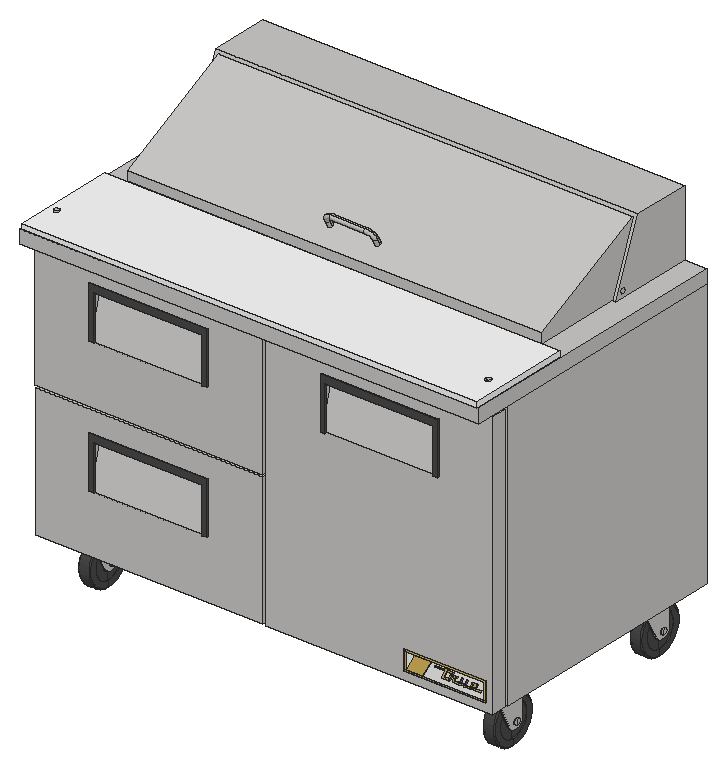
Revit family "QF_TRUE_TSSU-48-12D-2-HC_cat", category Specialty Equipment, Revit 2014
Parameters
  Weight in Pounds = 340
  Watts = FL Amps * Volts  # 667 W
  Volts = 115 V
  URL Manufacturer = "www.truemfg.com"
  URL Cutsheet = "www.truemfg.com"
  URL = "www.truemfg.com"
  Type Mark [instance] = ""
  Status [instance] = ""
  Specification by User [instance] = ""
  Specification by Manufacturer = ""
  Show Seismic Flanged [instance] = no
  Show Logo [instance] = yes
  Show Legs [instance] = no
  Show Clearance [instance] = yes
  Show Default Casters [instance] = and(not(Show Legs), not(Show Seismic Flanged), not(Show ADA Compliant Model))  # yes
  Show ADA Compliant Model [instance] = no
  Serial Number = ""
  Seismic Rating = ""
  Seismic Plate [instance] = and(Show Seismic Flanged, not(Show Default Casters))  # no
  SMACNA No = ""
  Revision Code [instance] = ""
  Phase = 1
  Omniclass Number and Title = ""
  Number of Poles [instance] = 1
  NAFEM Spec ID Number = ""
  Model = "TSSU-48-12D-2-HC"
  Min Ckt Ampacity = 0 A
  Max Overcurrent Protection = 0 A
  MasterSpec. = ""
  Manufacturer = "TRUE FOOD SERVICE EQUIPMENT, INC."
  Legs [instance] = or(Show Legs, Show Seismic Flanged)  # no
  Item Number [instance] = ""
  Installed By [instance] = ""
  Identify Quantity as Lot [instance] = yes
  HP = "1/3"
  Furnished By [instance] = ""
  Foodservice Equipment Identifier [instance] = yes
  FL Amps = 5.8 A
  Electrical Remarks = ""
  Electric Connection Type [instance] = ""
  Elec Conn RI Height [instance] = 0"
  Elec Conn Connection Height [instance] = 0"
  Description = "FOOD PREP TABLE: DRAWERED SANDWICH/SALAD UNIT WITH HYDROCARBON REFRIGERANT"
  Cycle = 60 Hz
  Conn Plug = "NEMA 5-15P"
  Conn Conduit = yes
  CSI MasterFormat = ""
  CSI Master Format = ""
  Body Finish = QF_Finishes_Stainless Steel
  Base Height [instance] = if(Legs, 6", if(ADA Compliant Model, 3 3/4", 6 3/16"))  # 6 3/16"
  Apparent Power = if(Phase = 3, Volts * FL Amps * 1.73, Volts * FL Amps)  # 667 VA
  ADA Compliant Model [instance] = and(Show ADA Compliant Model, not(Show Default Casters), not(Legs))  # no
Reference planes (in)
  plane 1 "BACK": y = -16.5
  plane 2: z = 0
  plane 3 "LEFT": x = 0
  plane 4 "RIGHT": x = 48.3125
  plane 5 "FRONT": y = -47.5625
  plane 6 "TOP": z = 46.46875
  plane 7: z = 6.1875
Forms (in)
  Revolve 1, solid, material "QF_Finishes_Stainless Steel", visible <- "Legs"
    sketch origin (0.84375, -20.82507, 0) x (1, 0, 0) y (0, 0, -1)
      loop
        line (2, -6.1875) -> (2, -0.1875) -> (1.5, -0.1875) -> (1.5, -1.1875) -> (1.25, -1.1875) -> (0.53856, -6.1875) -> (2, -6.1875)
      axis (2, -0.1875) -> (2, -6.1875)
    angle from 0 to 360
  Extrusion 2, solid, material "QF_Finishes_Stainless Steel", visible <- "Seismic Plate"
    sketch origin (-0.22541, -19.13091, 0) x (1, 0, 0) y (0, 1, 0)
      loop
        circle (3.06916, -1.69416) r 1.5
    from 0 to 0.25
  Revolve 3, solid, material "QF_Finishes_Stainless Steel", visible <- "Legs"
    sketch origin (0.84375, -40.15813, 0) x (1, 0, 0) y (0, 0, -1)
      loop
        line (2, -6.1875) -> (2, -0.1875) -> (1.5, -0.1875) -> (1.5, -1.1875) -> (1.25, -1.1875) -> (0.53856, -6.1875) -> (2, -6.1875)
      axis (2, -0.1875) -> (2, -6.1875)
    angle from 0 to 360
  Extrusion 4, solid, material "QF_Finishes_Stainless Steel", visible <- "Seismic Plate"
    sketch origin (-0.22541, -42.50254, 0) x (1, 0, 0) y (0, 1, 0)
      loop
        circle (3.06916, 2.30585) r 1.5
    from 0 to 0.25
  Revolve 5, solid, material "QF_Finishes_Stainless Steel", visible <- "Legs"
    sketch origin (31.34375, -20.82507, 0) x (1, 0, 0) y (0, 0, -1)
      loop
        line (14, -6.1875) -> (14, -0.1875) -> (13.5, -0.1875) -> (13.5, -1.1875) -> (13.25, -1.1875) -> (12.53856, -6.1875) -> (14, -6.1875)
      axis (14, -0.1875) -> (14, -6.1875)
    angle from 0 to 360
  Extrusion 6, solid, material "QF_Finishes_Stainless Steel", visible <- "Seismic Plate"
    sketch origin (30.27459, -19.13091, 0) x (1, 0, 0) y (0, 1, 0)
      loop
        circle (15.06916, -1.69416) r 1.5
    from 0 to 0.25
  Revolve 7, solid, material "QF_Finishes_Stainless Steel", visible <- "Legs"
    sketch origin (31.34375, -40.15813, 0) x (1, 0, 0) y (0, 0, -1)
      loop
        line (14, -6.1875) -> (14, -0.1875) -> (13.5, -0.1875) -> (13.5, -1.1875) -> (13.25, -1.1875) -> (12.53856, -6.1875) -> (14, -6.1875)
      axis (14, -0.1875) -> (14, -6.1875)
    angle from 0 to 360
  Extrusion 8, solid, material "QF_Finishes_Stainless Steel", visible <- "Seismic Plate"
    sketch origin (30.27459, -42.50254, 0) x (1, 0, 0) y (0, 1, 0)
      loop
        circle (15.06916, 2.30585) r 1.5
    from 0 to 0.25
Lines and regions (in)
  symbolic lines, style "SpecialityEquipmentHiddenLines", visible <- "Show Default Casters"
    curve 1: line (1.05276, -22.68104, 0) -> (2.13882, -23.30808, 0)
    curve 2: line (3.55276, -18.35092, 0) -> (1.05276, -22.68104, 0)
    curve 3: line (4.63882, -18.97795, 0) -> (3.55276, -18.35092, 0)
    curve 4: line (2.13882, -23.30808, 0) -> (4.63882, -18.97795, 0)
    curve 5: line (43.67776, -22.68104, 0) -> (44.76382, -23.30808, 0)
    curve 6: line (46.17776, -18.35092, 0) -> (43.67776, -22.68104, 0)
    curve 7: line (47.26382, -18.97795, 0) -> (46.17776, -18.35092, 0)
    curve 8: line (44.76382, -23.30808, 0) -> (47.26382, -18.97795, 0)
    curve 9: line (1.05276, -42.04409, 0) -> (2.13882, -42.67113, 0)
    curve 10: line (3.55276, -37.71397, 0) -> (1.05276, -42.04409, 0)
    curve 11: line (4.63882, -38.34101, 0) -> (3.55276, -37.71397, 0)
    curve 12: line (2.13882, -42.67113, 0) -> (4.63882, -38.34101, 0)
    curve 13: line (43.67776, -42.04409, 0) -> (44.76382, -42.67113, 0)
    curve 14: line (46.17776, -37.71397, 0) -> (43.67776, -42.04409, 0)
    curve 15: line (47.26382, -38.34101, 0) -> (46.17776, -37.71397, 0)
    curve 16: line (44.76382, -42.67113, 0) -> (47.26382, -38.34101, 0)
  symbolic lines, style "SpecialityEquipment"
    curve 17: line (5.24172, -17.5, 0) -> (5.24172, -16.5, 0)
    curve 18: line (5.24172, -16.5, 0) -> (6.17922, -16.5, 0)
    curve 19: line (6.17922, -16.5, 0) -> (6.17922, -17.5, 0)
    curve 20: line (42.13328, -17.5, 0) -> (42.13328, -16.5, 0)
    curve 21: line (42.13328, -16.5, 0) -> (43.07078, -16.5, 0)
    curve 22: line (43.07078, -16.5, 0) -> (43.07078, -17.5, 0)
Dimensions and locks (in)
  plane 3 "LEFT" to plane 4 "RIGHT" = 48 5/16"
  plane 4 "RIGHT" to plane 3 "LEFT" = 48 5/16"
  plane 5 "FRONT" to plane 1 "BACK" = 31 1/16"  (x2)
  "Base Height": plane 7 to level
  Revolve 3 sketch curve to Revolve 3 sketch curve to Revolve 3 sketch curve = 5" locked, 1" locked
  Revolve 1 sketch curve to Revolve 1 sketch curve to Revolve 1 sketch curve = 5" locked, 1" locked
  nested 1 to level = 42 15/16"
  Revolve 7 sketch curve to Revolve 7 sketch curve to Revolve 7 sketch curve = 5" locked, 1" locked
  Revolve 5 sketch curve to Revolve 5 sketch curve to Revolve 5 sketch curve = 5" locked, 1" locked
  nested 1 to nested 1 to nested 1 to nested 1 = 2 11/32", 44 7/16", 1 17/32"
  nested 1 to nested 1 = 7"
  nested 1 to plane 7 = 29 3/4"
  nested 1 to plane 7 = 36 3/4"
  aligned and locked: level to plane 2
  aligned and locked: Revolve 3 sketch curve to plane 7
  aligned and locked: Revolve 1 sketch curve to plane 7
  aligned and locked: plane 5 "FRONT" to nested 1
  aligned and locked: plane 3 "LEFT" to nested 1  (x2)
  aligned and locked: plane 7 to nested 1
  aligned: nested 1 to plane 7
  aligned and locked: nested 1 to plane 5 "FRONT"
Automatic sketch dimensions
  plane 3 "LEFT" to curve 1 = 1.05276"
  plane 3 "LEFT" to curve 10 = 1.05276"
  curve 1 to curve 1 = 1.08606"
  curve 9 to curve 9 = 1.08606"
  plane 3 "LEFT" to curve 3 = 3.55276"
  plane 3 "LEFT" to curve 10 = 3.55276"
  curve 13 to plane 4 "RIGHT" = 4.63474"
  curve 5 to plane 4 "RIGHT" = 4.63474"
  curve 13 to curve 13 = 1.08606"
  curve 5 to curve 8 = 1.08606"
  curve 7 to plane 4 "RIGHT" = 2.13474"
  curve 14 to plane 4 "RIGHT" = 2.13474"
  curve 16 to plane 5 "FRONT" = 4.89137"
  curve 12 to plane 5 "FRONT" = 4.89137"
  curve 13 to curve 13 = 0.62704"
  curve 9 to curve 10 = 0.62704"
  plane 1 "BACK" to curve 4 = 6.80808"
  plane 1 "BACK" to curve 8 = 6.80808"
  curve 5 to curve 6 = 0.62704"
  curve 1 to curve 1 = 0.62704"
  plane 3 "LEFT" to Revolve 1 sketch curve = 1.38231"
  plane 3 "LEFT" to Revolve 1 sketch curve = 2 3/32"
  Revolve 1 sketch curve to Revolve 1 sketch curve = 1/4"
  Revolve 1 sketch curve to Revolve 1 sketch curve = 1/2"
  Revolve 1 sketch curve to Revolve 1 sketch curve = 0"
  plane 7 to Revolve 1 sketch curve = 23/32"
  Revolve 1 sketch curve to Revolve 1 sketch curve = 1 1/2"
  plane 3 "LEFT" to Extrusion 2 sketch curve = 2 27/32"
  plane 1 "BACK" to Extrusion 2 sketch curve = 4.32507"
  plane 3 "LEFT" to Revolve 3 sketch curve = 1.38231"
  plane 3 "LEFT" to Revolve 3 sketch curve = 2 3/32"
  Revolve 3 sketch curve to Revolve 3 sketch curve = 1/4"
  Revolve 3 sketch curve to Revolve 3 sketch curve = 1/2"
  Revolve 3 sketch curve to Revolve 3 sketch curve = 0"
  plane 7 to Revolve 3 sketch curve = 23/32"
  Revolve 3 sketch curve to Revolve 3 sketch curve = 1 1/2"
  plane 3 "LEFT" to Extrusion 4 sketch curve = 2 27/32"
  Extrusion 4 sketch curve to plane 5 "FRONT" = 7.36581"
  Revolve 5 sketch curve to plane 7 = 0"
  Revolve 5 sketch curve to plane 4 "RIGHT" = 4.43019"
  Revolve 5 sketch curve to plane 4 "RIGHT" = 3 23/32"
  Revolve 5 sketch curve to Revolve 5 sketch curve = 1/4"
  Revolve 5 sketch curve to Revolve 5 sketch curve = 1/2"
  Revolve 5 sketch curve to Revolve 5 sketch curve = 0"
  plane 7 to Revolve 5 sketch curve = 23/32"
  Revolve 5 sketch curve to Revolve 5 sketch curve = 1 1/2"
  Extrusion 6 sketch curve to plane 4 "RIGHT" = 2 31/32"
  plane 1 "BACK" to Extrusion 6 sketch curve = 4.32507"
  Revolve 7 sketch curve to plane 7 = 0"
  Revolve 7 sketch curve to plane 4 "RIGHT" = 4.43019"
  Revolve 7 sketch curve to plane 4 "RIGHT" = 3 23/32"
  Revolve 7 sketch curve to Revolve 7 sketch curve = 1/4"
  Revolve 7 sketch curve to Revolve 7 sketch curve = 1/2"
  Revolve 7 sketch curve to Revolve 7 sketch curve = 0"
  plane 7 to Revolve 7 sketch curve = 23/32"
  Revolve 7 sketch curve to Revolve 7 sketch curve = 1 1/2"
  Extrusion 8 sketch curve to plane 4 "RIGHT" = 2 31/32"
  Extrusion 8 sketch curve to plane 5 "FRONT" = 7.36581"
  plane 1 "BACK" to curve 18 = 0"
  plane 1 "BACK" to curve 21 = 0"
  curve 2 to curve 17 = 1.68896"
  curve 17 to curve 19 = 15/16"
  plane 1 "BACK" to curve 20 = 1"
  curve 20 to curve 6 = 4.04447"
  curve 20 to curve 21 = 15/16"
  curve 17 to curve 17 = 1"
  curve 20 to curve 22 = 0"
  curve 17 to curve 19 = 0"
  radius of Extrusion 2 sketch curve = 1 1/2"
  radius of Extrusion 4 sketch curve = 1 1/2"
  radius of Extrusion 6 sketch curve = 1 1/2"
  radius of Extrusion 8 sketch curve = 1 1/2"
Nested families (in)
  nested 1: "True_TSSU-48-12D-2" at (0, 0, 0), Show Logo <- "Show Logo", Show Clearance <- "Show Clearance", Show Casters <- "Show Default Casters", Body Finish <- "Body Finish", type "True_TSSU-48-12D-2"
    with Show Logo yes, Show Clearance yes, Show Casters yes, Body Finish QF_Finishes_Stainless Steel
  nested 2: "TRUE_CASTER ADA" at (2.89896, -20.85092, 0), Show 3" Casters <- "ADA Compliant Model", type "TRUE_CASTER ADA"
    with Type Mark "", Status "", Specification by User "", Show 3" Casters no, Revision Code "", Item Number "", Installed By "", Identify Quantity as Lot yes, Furnished By "", Foodservice Equipment Identifier yes
  nested 3: "TRUE_CASTER ADA" at (45.41744, -20.96688, 0), Show 3" Casters <- "ADA Compliant Model", type "TRUE_CASTER ADA"
    with Type Mark "", Status "", Specification by User "", Show 3" Casters no, Revision Code "", Item Number "", Installed By "", Identify Quantity as Lot yes, Furnished By "", Foodservice Equipment Identifier yes
  nested 4: "TRUE_CASTER ADA" at (45.43259, -40.36489, 0), Show 3" Casters <- "ADA Compliant Model", type "TRUE_CASTER ADA"
    with Type Mark "", Status "", Specification by User "", Show 3" Casters no, Revision Code "", Item Number "", Installed By "", Identify Quantity as Lot yes, Furnished By "", Foodservice Equipment Identifier yes
  nested 5: "TRUE_CASTER ADA" at (2.80276, -40.46397, 0), Show 3" Casters <- "ADA Compliant Model", type "TRUE_CASTER ADA"
    with Type Mark "", Status "", Specification by User "", Show 3" Casters no, Revision Code "", Item Number "", Installed By "", Identify Quantity as Lot yes, Furnished By "", Foodservice Equipment Identifier yes
Connectors (in)
  electrical at (44.87821, -17.5, 12), driven by "Volts", driven by "Apparent Power"
    settings: on nested 1, index 2, voltage 115 V, apparent load 667 VA, apparent load phase1 0 VA, apparent load phase2 0 VA, apparent load phase3 0 VA, power factor 1, load classification "Other", number of poles 1, system type 30, power factor state 1, is connector primary yes, connector utility no, sub classification motor no, connector description "ELECTRICAL CONNECTION"
Definition of nested family "True_TSSU-48-12D-2"
  Parameters (values of type "True_TSSU-48-12D-2")
    URL = ""
    Show Logo [instance] = yes
    Show Clearance [instance] = yes
    Show Casters [instance] = yes
    Model = ""
    Manufacturer = ""
    Description = ""
    Body Finish [instance] = QF_Metal-Stainless-Polished
    Assembly Code = ""
  Reference planes (in)
    plane 1 "BACK": y = -16.5
    plane 2: z = 0
    plane 3 "LEFT": x = 0
    plane 4 "RIGHT": x = 48.3125
    plane 5 "FRONT": y = -47.5625
    plane 6 "TOP": z = 42.9375
    plane 7: z = 6.1875
    plane 8: z = 35.9375
    plane 9: x = 24.21875
    plane 10: z = 46.6875
  Forms (in)
    Extrusion 1, solid, material "QF_Metal-Stainless-Polished" <- "Body Finish"
      sketch origin (3.125, -1, 0) x (0, 1, 0) y (0, 0, 1)
        loop
          line (-16.5, 35.9375) -> (-16.5, 42.9375) -> (-22.625, 42.9375) -> (-25.47721, 35.9375) -> (-16.5, 35.9375)
      from -1.59375 to 42.84375
    Extrusion 2, solid, material "QF_Metal-Stainless-Polished" <- "Body Finish"
      sketch origin (2.90625, 0.75, 0.19246) x (0, 1, 0) y (0, 0, 1)
        loop
          line (-27.22721, 35.74504) -> (-24.49688, 42.44592) -> (-36.5625, 36.73418) -> (-36.5625, 35.74504) -> (-27.22721, 35.74504)
      from -0.96875 to 42.65625
    Extrusion 3, solid, material "QF_Metal-Stainless-Polished" <- "Body Finish"
      sketch origin (0, -1, 0) x (0, 1, 0) y (0, 0, 1)
        loop
          line (-46.5625, 35.9375) -> (-46.5625, 34.5) -> (-16.5, 34.5) -> (-16.5, 35.9375) -> (-46.5625, 35.9375)
      from 0 to 48.3125
    Extrusion 4, solid, material "QF_Plastic-White-Smooth"
      sketch origin (-0.125, 3.53125, -0.0625) x (0, 1, 0) y (0, 0, 1)
        loop
          line (-51.09375, 36.5) -> (-51.09375, 36) -> (-40.09375, 36) -> (-40.09375, 36.5) -> (-51.09375, 36.5)
      from 0.3125 to 48.25
    Sweep 5, solid, material "QF_Metal-Stainless-Polished" <- "Body Finish"
      path origin (8.02136, -16.90311, 5.99517) x (1, 0, 0) y (0, -0.468684, 0.883366)
        loop
          line (18.42574, 36.0969) -> (18.42574, 36.8469)
          arc (18.42574, 36.8469) -> (18.29892, 37.15309) -> (17.99273, 37.27992) r 0.43301
          line (17.99273, 37.27992) -> (14.37051, 37.27992)
          arc (14.37051, 37.27992) -> (14.06433, 37.15309) -> (13.9375, 36.8469) r 0.43301
          line (13.9375, 36.8469) -> (13.9375, 36.0969)
      profile origin (21.95886, -33.99691, 38.21321) x (1, 0, 0) y (0, -0.883366, -0.468684)
        loop
          circle (-0.25, 0) r 0.25
    Extrusion 6, solid, material "QF_Metal-Stainless-Polished"
      sketch origin (0, 3.53125, 36.4375) x (1, 0, 0) y (0, 1, 0)
        loop
          circle (1, -47.5255) r 0.25
      from 0 to 0.0625
    Extrusion 7, solid, material "QF_Metal-Stainless-Polished"
      sketch origin (1.46875, 0.03571, -0.38064) x (0, 1, 0) y (0, 0, 1)
        loop
          line (-25.50049, 37.00145) -> (-25.62469, 37.21657) -> (-25.87491, 37.21657) -> (-25.99919, 37.00131) -> (-25.87265, 36.78214) -> (-25.62711, 36.78214) -> (-25.50049, 37.00145)
      from 0 to 0.0625
    Extrusion 8, solid, material "QF_Metal-Stainless-Polished"
      sketch origin (46.03125, 0.03571, -0.38064) x (0, 1, 0) y (0, 0, -1)
        loop
          line (-25.50049, -37.00145) -> (-25.62711, -36.78214) -> (-25.87265, -36.78214) -> (-25.99919, -37.00131) -> (-25.87491, -37.21657) -> (-25.62469, -37.21657) -> (-25.50049, -37.00145)
      from 0 to 0.0625
    Extrusion 9, solid, material "QF_Metal-Stainless-Polished", visible <- "Show Casters"
      sketch origin (0.84375, -38.80219, 1.18891) x (0, 1, 0) y (0, 0, 1)
        loop
          line (-3.9827, 4.36074) -> (-3.9827, 3.75589) -> (-3.6077, 3.75589) -> (-2.25253, 1.15484)
          arc (-2.25253, 1.15484) -> (-1.35455, 0.51289) -> (-0.45657, 1.15484) r 0.94903
          line (-0.45657, 1.15484) -> (-0.54355, 4.36074) -> (-3.9827, 4.36074)
      from 1.175 to 1.325
    Revolve 10, solid, material "QF_Plastic-White-Smooth", visible <- "Show Casters"
      sketch origin (0.84375, -41.06531, 0.68891) x (1, 0, 0) y (0, 0, 1)
        loop
          line (2, 4.86074) -> (2, 5.49859) -> (0.60918, 5.49859) -> (0.60918, 4.86074) -> (2, 4.86074)
        axis (2, 4.86074) -> (2, 5.49859)
      angle from 0 to 360
    Extrusion 11, solid, material "QF_Metal-Stainless-Polished", visible <- "Show Casters"
      sketch origin (-46.9375, -38.80219, 1.18891) x (0, 1, 0) y (0, 0, 1)
        loop
          line (-3.9827, 4.36074) -> (-3.9827, 3.75589) -> (-3.6077, 3.75589) -> (-0.53736, 4.13288) -> (-0.54355, 4.36074) -> (-3.9827, 4.36074)
      from 49.10625 to 50.45625
    Revolve 12, solid, material "QF_Plastic-Black-Smooth", visible <- "Show Casters"
      sketch origin (0.84375, -40.15399, 1) x (1, 0, 0) y (0, 0, 1)
        loop
          line (1.475, 4) -> (1.375, 3.9) -> (1.375, 3.29941) -> (1.53601, 3.29941) -> (1.53601, 2.04941) -> (1.375, 2.04941) -> (1.375, 1.79941) -> (0.975, 1.79941) -> (0.975, 1.5) -> (3.025, 1.5) -> (3.025, 1.79941) -> (2.62908, 1.79941) -> (2.62908, 2.04941) -> (2.46399, 2.04941) -> (2.46399, 3.29941) -> (2.62908, 3.29941) -> (2.62908, 3.89592) -> (2.525, 4) -> (1.475, 4)
        axis (3.025, 1.5) -> (0.975, 1.5)
      angle from 0 to 360
    Extrusion 13, solid, material "QF_Metal-Stainless-Polished", visible <- "Show Casters"
      sketch origin (4.84375, -38.80219, 1.18891) x (0, 1, 0) y (0, 0, -1)
        loop
          line (-3.9827, -3.75589) -> (-3.9827, -4.36074) -> (-0.54355, -4.36074) -> (-0.45657, -1.15484)
          arc (-0.45657, -1.15484) -> (-1.35455, -0.51289) -> (-2.25253, -1.15484) r 0.94903
          line (-2.25253, -1.15484) -> (-3.6077, -3.75589) -> (-3.9827, -3.75589)
      from 1.175 to 1.325
    Extrusion 14, solid, material "QF_Metal-Stainless-Polished", visible <- "Show Casters"
      sketch origin (0.84375, -19.47769, 1.18891) x (0, 1, 0) y (0, 0, 1)
        loop
          line (-3.9827, 4.36074) -> (-3.9827, 3.75589) -> (-3.6077, 3.75589) -> (-2.25253, 1.15484)
          arc (-2.25253, 1.15484) -> (-1.35455, 0.51289) -> (-0.45657, 1.15484) r 0.94903
          line (-0.45657, 1.15484) -> (-0.54355, 4.36074) -> (-3.9827, 4.36074)
      from 1.175 to 1.325
    Revolve 15, solid, material "QF_Plastic-White-Smooth", visible <- "Show Casters"
      sketch origin (0.84375, -21.74082, 0.68891) x (1, 0, 0) y (0, 0, 1)
        loop
          line (2, 4.86074) -> (2, 5.49859) -> (0.60918, 5.49859) -> (0.60918, 4.86074) -> (2, 4.86074)
        axis (2, 4.86074) -> (2, 5.49859)
      angle from 0 to 360
    Extrusion 16, solid, material "QF_Metal-Stainless-Polished", visible <- "Show Casters"
      sketch origin (-46.9375, -19.47769, 1.18891) x (0, 1, 0) y (0, 0, 1)
        loop
          line (-3.9827, 4.36074) -> (-3.9827, 3.75589) -> (-3.6077, 3.75589) -> (-0.53736, 4.13288) -> (-0.54355, 4.36074) -> (-3.9827, 4.36074)
      from 49.10625 to 50.45625
    Revolve 17, solid, material "QF_Plastic-Black-Smooth", visible <- "Show Casters"
      sketch origin (0.84375, -20.8295, 1) x (1, 0, 0) y (0, 0, 1)
        loop
          line (1.475, 4) -> (1.375, 3.9) -> (1.375, 3.29941) -> (1.53601, 3.29941) -> (1.53601, 2.04941) -> (1.375, 2.04941) -> (1.375, 1.79941) -> (0.975, 1.79941) -> (0.975, 1.5) -> (3.025, 1.5) -> (3.025, 1.79941) -> (2.62908, 1.79941) -> (2.62908, 2.04941) -> (2.46399, 2.04941) -> (2.46399, 3.29941) -> (2.62908, 3.29941) -> (2.62908, 3.89592) -> (2.525, 4) -> (1.475, 4)
        axis (3.025, 1.5) -> (0.975, 1.5)
      angle from 0 to 360
    Extrusion 18, solid, material "QF_Metal-Stainless-Polished", visible <- "Show Casters"
      sketch origin (4.84375, -19.47769, 1.18891) x (0, 1, 0) y (0, 0, -1)
        loop
          line (-3.9827, -3.75589) -> (-3.9827, -4.36074) -> (-0.54355, -4.36074) -> (-0.45657, -1.15484)
          arc (-0.45657, -1.15484) -> (-1.35455, -0.51289) -> (-2.25253, -1.15484) r 0.94903
          line (-2.25253, -1.15484) -> (-3.6077, -3.75589) -> (-3.9827, -3.75589)
      from 1.175 to 1.325
    Extrusion 19, solid, material "QF_Metal-Stainless-Polished" <- "Body Finish"
      sketch origin (0, -1, 0) x (0, 1, 0) y (0, 0, 1)
        loop
          line (-42.75, 34.5) -> (-42.75, 6.1875) -> (-16.5, 6.1875) -> (-16.5, 34.5) -> (-42.75, 34.5)
      from 0 to 48.3125
    Extrusion 20, solid, material "QF_Metallic Paint-Goldenrod-Satin", visible <- "Show Logo"
      sketch origin (38.08478, -10.86203, -22.37075) x (1, 0, 0) y (0, 0, 1)
        loop
          line (4.18351, 31.09206) -> (4.10478, 30.92323) -> (5.15208, 30.92323)
          arc (5.15208, 30.92323) -> (5.17333, 30.88564) -> (5.15208, 30.84805) r 0.04386
          line (5.15208, 30.84805) -> (4.87892, 30.26228)
          arc (4.87892, 30.26228) -> (4.87656, 30.20802) -> (4.91325, 30.16798) r 0.07096
          line (4.91325, 30.16798) -> (5.5829, 30.16798)
          arc (5.5829, 30.16798) -> (5.66746, 30.19464) -> (5.72144, 30.26498) r 0.14742
          line (5.72144, 30.26498) -> (5.9364, 30.72597) -> (6.1339, 30.72597)
          arc (6.1339, 30.72597) -> (6.18572, 30.70692) -> (6.17822, 30.65222) r 0.04405
          line (6.17822, 30.65222) -> (5.99835, 30.26649)
          arc (5.99835, 30.26649) -> (6.00115, 30.20243) -> (6.05523, 30.16798) r 0.06943
          line (6.05523, 30.16798) -> (6.64365, 30.16798)
          arc (6.64365, 30.16798) -> (6.68873, 30.18439) -> (6.71272, 30.22594) r 0.07014
          arc (6.71272, 30.22594) -> (6.7297, 30.18495) -> (6.77068, 30.16798) r 0.05796
          line (6.77068, 30.16798) -> (7.14325, 30.16798)
          arc (7.14325, 30.16798) -> (7.18629, 30.17951) -> (7.2178, 30.21102) r 0.08608
          arc (7.2178, 30.21102) -> (7.23289, 30.1746) -> (7.26931, 30.15952) r 0.0515
          line (7.26931, 30.15952) -> (7.79882, 30.15952)
          arc (7.79882, 30.15952) -> (7.84211, 30.17745) -> (7.86005, 30.22074) r 0.06122
          arc (7.86005, 30.22074) -> (7.89973, 30.18105) -> (7.95394, 30.16653) r 0.10842
          line (7.95394, 30.16653) -> (8.94586, 30.16653) -> (9.05604, 30.35737) -> (8.05555, 30.35737)
          arc (8.05555, 30.35737) -> (8.02794, 30.37652) -> (8.02691, 30.41011) r 0.03732
          line (8.02691, 30.41011) -> (8.04422, 30.44722)
          arc (8.04422, 30.44722) -> (8.07079, 30.48203) -> (8.11255, 30.49524) r 0.07263
          line (8.11255, 30.49524) -> (8.43414, 30.49524)
          arc (8.43414, 30.49524) -> (8.50355, 30.51383) -> (8.55436, 30.56465) r 0.13882
          line (8.55436, 30.56465) -> (8.6475, 30.72597)
          arc (8.6475, 30.72597) -> (8.6475, 30.81208) -> (8.57293, 30.85513) r 0.08611
          line (8.57293, 30.85513) -> (8.23352, 30.85513)
          arc (8.23352, 30.85513) -> (8.14699, 30.84044) -> (8.08663, 30.77673) r 0.13863
          line (8.08663, 30.77673) -> (7.92534, 30.43083)
          arc (7.92534, 30.43083) -> (7.87774, 30.3688) -> (7.80316, 30.34528) r 0.13002
          line (7.80316, 30.34528) -> (7.45109, 30.34528)
          arc (7.45109, 30.34528) -> (7.40895, 30.39128) -> (7.41167, 30.4536) r 0.08151
          line (7.41167, 30.4536) -> (7.59891, 30.85513) -> (7.47974, 30.85513) -> (7.28137, 30.42972)
          arc (7.28137, 30.42972) -> (7.24283, 30.37949) -> (7.18244, 30.36046) r 0.10527
          line (7.18244, 30.36046) -> (6.93967, 30.36046)
          arc (6.93967, 30.36046) -> (6.89865, 30.41392) -> (6.90744, 30.48073) r 0.08805
          line (6.90744, 30.48073) -> (7.08203, 30.85513) -> (6.95897, 30.85513) -> (6.75801, 30.42418)
          arc (6.75801, 30.42418) -> (6.71136, 30.37753) -> (6.64764, 30.36046) r 0.12745
          line (6.64764, 30.36046) -> (6.29609, 30.36046)
          arc (6.29609, 30.36046) -> (6.23295, 30.3899) -> (6.22688, 30.4593) r 0.06967
          line (6.22688, 30.4593) -> (6.34243, 30.70711) -> (6.50577, 30.70711)
          arc (6.50577, 30.70711) -> (6.53334, 30.79018) -> (6.592, 30.85513) r 0.21289
          line (6.592, 30.85513) -> (5.95369, 30.85513)
          arc (5.95369, 30.85513) -> (5.88276, 30.83941) -> (5.83367, 30.78584) r 0.12081
          line (5.83367, 30.78584) -> (5.66065, 30.4148)
          arc (5.66065, 30.4148) -> (5.62087, 30.37502) -> (5.56653, 30.36046) r 0.10869
          line (5.56653, 30.36046) -> (5.18545, 30.36046)
          arc (5.18545, 30.36046) -> (5.15571, 30.40065) -> (5.16137, 30.45033) r 0.06822
          line (5.16137, 30.45033) -> (5.41281, 30.92323) -> (6.04721, 30.92323) -> (6.12594, 31.09206) -> (5.49154, 31.09206) -> (5.57027, 31.2609) -> (5.34459, 31.2609) -> (5.26586, 31.09206) -> (4.18351, 31.09206)
        loop
          arc (8.19062, 30.70184) -> (8.16316, 30.69448) -> (8.14305, 30.67438) r 0.05494
          line (8.14305, 30.67438) -> (8.12672, 30.62415)
          arc (8.12672, 30.62415) -> (8.13429, 30.60587) -> (8.15258, 30.59829) r 0.02586
          line (8.15258, 30.59829) -> (8.43014, 30.59829)
          arc (8.43014, 30.59829) -> (8.45013, 30.60273) -> (8.46638, 30.6152) r 0.04731
          line (8.46638, 30.6152) -> (8.47988, 30.6777)
          arc (8.47988, 30.6777) -> (8.47591, 30.69443) -> (8.46039, 30.70184) r 0.01994
          line (8.46039, 30.70184) -> (8.19062, 30.70184)
        loop
          line (1.13539, 29.6475) -> (2.84485, 29.6475) -> (3.77016, 31.25018) -> (2.0607, 31.25018) -> (1.13539, 29.6475)
      from 34.76797 to 34.83173
    Extrusion 21, solid, material "QF_Plastic-White-Smooth", visible <- "Show Logo"
      sketch origin (-26.41732, -10.88, -25.21535) x (1, 0, 0) y (0, 0, 1)
        loop
          line (73.84232, 34.15728) -> (65.51732, 34.15728) -> (65.51732, 32.4296) -> (73.84232, 32.4296) -> (73.84232, 34.15728)
      from 34.75 to 34.76797
    Extrusion 22, solid, material "QF_Metallic Paint-Goldenrod-Satin", visible <- "Show Logo"
      sketch origin (-26.41732, -10.88, -25.21535) x (1, 0, 0) y (0, 0, 1)
        loop
          line (73.97982, 34.29477) -> (65.37982, 34.29477) -> (65.37982, 32.2921) -> (73.97982, 32.2921) -> (73.97982, 34.29477)
        loop
          line (65.51732, 34.15728) -> (65.51732, 32.4296) -> (73.84232, 32.4296) -> (73.84232, 34.15728) -> (65.51732, 34.15728)
      from 34.75 to 34.80335
    Extrusion 23, solid, material "QF_Metal-Stainless-Polished"
      sketch origin (8.4375, -16.5, 0) x (1, 0, 0) y (0, 0, 1)
        loop
          line (7.625, 6.1875) -> (7.625, 3.875) -> (20.25, 3.875) -> (20.25, 6.1875) -> (7.625, 6.1875)
      from 1.69409 to 21.69409
    Extrusion 24, solid, material "QF_Plastic-Black-Smooth"
      sketch origin (28.67546, -16.5, -9.83802) x (-1, 0, 0) y (0, 0, -1)
        loop
          circle (22.96499, -40.7598) r 0.46875
      from 0 to 1
    Extrusion 25, solid, material "QF_Finishes_Stainless Steel"
      sketch origin (19.58446, -17.5, 0) x (1, 0, 0) y (0, 0, 1)
        loop
          circle (25.29375, 12) r 0.25
      from 0 to 0.0625
    Extrusion 26, solid, material "QF_Plastic-Black-Smooth"
      sketch origin (19.63704, -16.5, -9.83802) x (1, 0, 0) y (0, 0, 1)
        loop
          circle (22.96499, 40.7598) r 0.46875
      from 0 to 1
    Extrusion 27, solid, material "QF_Metal-Stainless-Polished", visible <- "Show Casters"
      sketch origin (47.46875, -38.80219, 1.18891) x (0, 1, 0) y (0, 0, -1)
        loop
          line (-3.9827, -4.36074) -> (-0.54355, -4.36074) -> (-0.45657, -1.15484)
          arc (-0.45657, -1.15484) -> (-1.35455, -0.51289) -> (-2.25253, -1.15484) r 0.94903
          line (-2.25253, -1.15484) -> (-3.6077, -3.75589) -> (-3.9827, -3.75589) -> (-3.9827, -4.36074)
      from 1.175 to 1.325
    Revolve 28, solid, material "QF_Plastic-White-Smooth", visible <- "Show Casters"
      sketch origin (47.46875, -41.06531, 0.68891) x (-1, 0, 0) y (0, 0, -1)
        loop
          line (2, -4.86074) -> (0.60918, -4.86074) -> (0.60918, -5.49859) -> (2, -5.49859) -> (2, -4.86074)
        axis (2, -4.86074) -> (2, -5.49859)
      angle from 0 to 360
    Extrusion 29, solid, material "QF_Metal-Stainless-Polished", visible <- "Show Casters"
      sketch origin (95.25, -38.80219, 1.18891) x (0, 1, 0) y (0, 0, -1)
        loop
          line (-3.9827, -4.36074) -> (-0.54355, -4.36074) -> (-0.53736, -4.13288) -> (-3.6077, -3.75589) -> (-3.9827, -3.75589) -> (-3.9827, -4.36074)
      from 49.10625 to 50.45625
    Revolve 30, solid, material "QF_Plastic-Black-Smooth", visible <- "Show Casters"
      sketch origin (47.46875, -40.15399, 1) x (-1, 0, 0) y (0, 0, -1)
        loop
          line (1.475, -4) -> (2.525, -4) -> (2.62908, -3.89592) -> (2.62908, -3.29941) -> (2.46399, -3.29941) -> (2.46399, -2.04941) -> (2.62908, -2.04941) -> (2.62908, -1.79941) -> (3.025, -1.79941) -> (3.025, -1.5) -> (0.975, -1.5) -> (0.975, -1.79941) -> (1.375, -1.79941) -> (1.375, -2.04941) -> (1.53601, -2.04941) -> (1.53601, -3.29941) -> (1.375, -3.29941) -> (1.375, -3.9) -> (1.475, -4)
        axis (3.025, -1.5) -> (0.975, -1.5)
      angle from 0 to 360
    Extrusion 31, solid, material "QF_Metal-Stainless-Polished", visible <- "Show Casters"
      sketch origin (43.46875, -38.80219, 1.18891) x (0, 1, 0) y (0, 0, 1)
        loop
          line (-3.9827, 3.75589) -> (-3.6077, 3.75589) -> (-2.25253, 1.15484)
          arc (-2.25253, 1.15484) -> (-1.35455, 0.51289) -> (-0.45657, 1.15484) r 0.94903
          line (-0.45657, 1.15484) -> (-0.54355, 4.36074) -> (-3.9827, 4.36074) -> (-3.9827, 3.75589)
      from 1.175 to 1.325
    Extrusion 32, solid, material "QF_Metal-Stainless-Polished", visible <- "Show Casters"
      sketch origin (47.46875, -19.47769, 1.18891) x (0, 1, 0) y (0, 0, -1)
        loop
          line (-3.9827, -4.36074) -> (-0.54355, -4.36074) -> (-0.45657, -1.15484)
          arc (-0.45657, -1.15484) -> (-1.35455, -0.51289) -> (-2.25253, -1.15484) r 0.94903
          line (-2.25253, -1.15484) -> (-3.6077, -3.75589) -> (-3.9827, -3.75589) -> (-3.9827, -4.36074)
      from 1.175 to 1.325
    Revolve 33, solid, material "QF_Plastic-White-Smooth", visible <- "Show Casters"
      sketch origin (47.46875, -21.74082, 0.68891) x (-1, 0, 0) y (0, 0, -1)
        loop
          line (2, -4.86074) -> (0.60918, -4.86074) -> (0.60918, -5.49859) -> (2, -5.49859) -> (2, -4.86074)
        axis (2, -4.86074) -> (2, -5.49859)
      angle from 0 to 360
    Extrusion 34, solid, material "QF_Metal-Stainless-Polished", visible <- "Show Casters"
      sketch origin (95.25, -19.47769, 1.18891) x (0, 1, 0) y (0, 0, -1)
        loop
          line (-3.9827, -4.36074) -> (-0.54355, -4.36074) -> (-0.53736, -4.13288) -> (-3.6077, -3.75589) -> (-3.9827, -3.75589) -> (-3.9827, -4.36074)
      from 49.10625 to 50.45625
    Revolve 35, solid, material "QF_Plastic-Black-Smooth", visible <- "Show Casters"
      sketch origin (47.46875, -20.8295, 1) x (-1, 0, 0) y (0, 0, -1)
        loop
          line (1.475, -4) -> (2.525, -4) -> (2.62908, -3.89592) -> (2.62908, -3.29941) -> (2.46399, -3.29941) -> (2.46399, -2.04941) -> (2.62908, -2.04941) -> (2.62908, -1.79941) -> (3.025, -1.79941) -> (3.025, -1.5) -> (0.975, -1.5) -> (0.975, -1.79941) -> (1.375, -1.79941) -> (1.375, -2.04941) -> (1.53601, -2.04941) -> (1.53601, -3.29941) -> (1.375, -3.29941) -> (1.375, -3.9) -> (1.475, -4)
        axis (3.025, -1.5) -> (0.975, -1.5)
      angle from 0 to 360
    Extrusion 36, solid, material "QF_Metal-Stainless-Polished", visible <- "Show Casters"
      sketch origin (43.46875, -19.47769, 1.18891) x (0, 1, 0) y (0, 0, 1)
        loop
          line (-3.9827, 3.75589) -> (-3.6077, 3.75589) -> (-2.25253, 1.15484)
          arc (-2.25253, 1.15484) -> (-1.35455, 0.51289) -> (-0.45657, 1.15484) r 0.94903
          line (-0.45657, 1.15484) -> (-0.54355, 4.36074) -> (-3.9827, 4.36074) -> (-3.9827, 3.75589)
      from 1.175 to 1.325
    Extrusion 37, solid, material "QF_Metal-Stainless-Polished"
      sketch origin (45.5, 3.53125, 36.4375) x (1, 0, 0) y (0, 1, 0)
        loop
          circle (1, -47.5255) r 0.25
      from 0 to 0.0625
    Extrusion 38, solid, material "QF_Metal-Stainless-Polished" <- "Body Finish"
      sketch origin (48.3125, -12.63, 0) x (-1, 0, 0) y (0, 0, -1)
        loop
          line (48.1875, -6.1875) -> (24.23437, -6.1875) -> (24.23437, -20.12698) -> (48.1875, -20.12698) -> (48.1875, -6.1875)
        loop
          line (48.3125, -34.28323) -> (48.3125, -20.34375) -> (24.23437, -20.34375) -> (24.23437, -34.28323) -> (48.3125, -34.28323)
        loop
          line (0, -34.28323) -> (23.95313, -34.28323) -> (23.95313, -6.1875) -> (0, -6.1875) -> (0, -34.28323)
        loop
          line (5.72656, -32.0625) -> (18.10156, -32.0625) -> (18.10156, -26.5625) -> (5.72656, -26.5625) -> (5.72656, -32.0625)
        loop
          line (30.08594, -32.0625) -> (42.46094, -32.0625) -> (42.46094, -26.5625) -> (30.08594, -26.5625) -> (30.08594, -32.0625)
        loop
          line (30.08594, -17.90625) -> (42.46094, -17.90625) -> (42.46094, -12.40625) -> (30.08594, -12.40625) -> (30.08594, -17.90625)
      from 31.44201 to 33
    Extrusion 39, solid, material "QF_Finishes_Black"
      sketch origin (46.64375, 3.62, 0) x (0, 1, 0) y (0, 0, -1)
        loop
          line (-47.69201, -33.8406) -> (-47.37, -33.8406) -> (-47.37, -6.82675) -> (-47.69201, -6.82675) -> (-47.69201, -33.8406)
      from -1.16875 to 46.14375
    Extrusion 40, solid, material "QF_Metal-Stainless-Polished" <- "Body Finish"
      sketch origin (50.33594, 3.87, 0) x (0, 1, 0) y (0, 0, -1)
        loop
          line (-47.94201, -32.0625) -> (-47.94201, -26.5625) -> (-49.5, -26.5625) -> (-47.94201, -32.0625)
      from 7.75 to 20.125
    Extrusion 41, solid, material "QF_Plastic-Black-Smooth"
      sketch origin (50.33594, -45.63, 0) x (-1, 0, 0) y (0, 0, -1)
        loop
          line (20.125, -32.0625) -> (20.125, -26.5625) -> (19.625, -26.5625) -> (19.625, -31.3125) -> (8.25, -31.3125) -> (8.25, -26.5625) -> (7.75, -26.5625) -> (7.75, -32.0625) -> (20.125, -32.0625)
      from 0 to 0.125
    Extrusion 42, solid, material "QF_Metal-Stainless-Polished" <- "Body Finish"
      sketch origin (25.97656, 3.87, 0) x (0, 1, 0) y (0, 0, -1)
        loop
          line (-47.94201, -32.0625) -> (-47.94201, -26.5625) -> (-49.5, -26.5625) -> (-47.94201, -32.0625)
      from 7.75 to 20.125
    Extrusion 43, solid, material "QF_Plastic-Black-Smooth"
      sketch origin (25.97656, -45.63, 0) x (-1, 0, 0) y (0, 0, -1)
        loop
          line (20.125, -32.0625) -> (20.125, -26.5625) -> (19.625, -26.5625) -> (19.625, -31.3125) -> (8.25, -31.3125) -> (8.25, -26.5625) -> (7.75, -26.5625) -> (7.75, -32.0625) -> (20.125, -32.0625)
      from 0 to 0.125
    Extrusion 44, solid, material "QF_Metal-Stainless-Polished" <- "Body Finish"
      sketch origin (25.97656, 3.87, -14.15625) x (0, 1, 0) y (0, 0, -1)
        loop
          line (-47.94201, -32.0625) -> (-47.94201, -26.5625) -> (-49.5, -26.5625) -> (-47.94201, -32.0625)
      from 7.75 to 20.125
    Extrusion 45, solid, material "QF_Plastic-Black-Smooth"
      sketch origin (25.97656, -45.63, -14.15625) x (-1, 0, 0) y (0, 0, -1)
        loop
          line (20.125, -32.0625) -> (20.125, -26.5625) -> (19.625, -26.5625) -> (19.625, -31.3125) -> (8.25, -31.3125) -> (8.25, -26.5625) -> (7.75, -26.5625) -> (7.75, -32.0625) -> (20.125, -32.0625)
      from 0 to 0.125
    Extrusion 46, solid, material "QF_Door-Drawer Clearances", visible <- "Show Clearance", detail levels coarse
      sketch origin (48.3125, 0, 0) x (-1, 0, 0) y (0, -1, 0)
        loop
          line (24.23437, 45.63) -> (48.3125, 45.63) -> (48.3125, 62.5625) -> (24.23437, 62.5625) -> (24.23437, 45.63)
      from 6.1875 to 20.12698
    Extrusion 47, solid, material "QF_Door-Drawer Clearances", visible <- "Show Clearance", detail levels coarse
      sketch origin (48.3125, 0, 0) x (-1, 0, 0) y (0, -1, 0)
        loop
          line (24.23437, 45.63) -> (48.3125, 45.63) -> (48.3125, 62.5625) -> (24.23437, 62.5625) -> (24.23437, 45.63)
      from 20.34375 to 34.28323
    Extrusion 48, solid, material "QF_Door-Drawer Clearances", visible <- "Show Clearance", detail levels coarse
      sketch origin (67.8125, 0, 0) x (-1, 0, 0) y (0, -1, 0)
        loop
          arc (43.45313, 45.63) -> (36.43742, 62.56742) -> (19.5, 69.58312) r 23.95313
          line (19.5, 69.58312) -> (19.5, 45.63) -> (43.45313, 45.63)
      from 6.1875 to 34.28323
    Extrusion 49, solid, material "QF_Door-Drawer Clearances", visible <- "Show Clearance", detail levels coarse
      sketch origin (31.53125, 0.75, 0.19246) x (0, 1, 0) y (0, 0, 1)
        loop
          line (-24.49688, 42.44592) -> (-29.49713, 46.49504)
          arc (-29.49713, 46.49504) -> (-34.28587, 42.5238) -> (-36.5625, 36.73418) r 12.48007
          line (-36.5625, 36.73418) -> (-24.49688, 42.44592)
      from 14.03125 to -29.59375
  Lines and regions (in)
    symbolic lines
      curve 1: line (0, -17.5, 0) -> (48.3125, -17.5, 0)
      curve 2: line (0, -47.5625, 0) -> (0, -17.5, 0)
      curve 3: line (48.3125, -47.5625, 0) -> (0, -47.5625, 0)
      curve 4: line (48.3125, -17.5, 0) -> (48.3125, -47.5625, 0)
      curve 5: line (48.125, -36.5625, 0) -> (0.1875, -36.5625, 0)
      curve 6: line (0.1875, -36.5625, 0) -> (0.1875, -47.5625, 0)
      curve 7: circle (1, -43.99425, 0) r 0.25 normal (0, 0, 1)
      curve 8: line (2.03125, -23.74688, 0) -> (45.5625, -23.74688, 0)
      curve 9: line (2.03125, -35.8125, 0) -> (2.03125, -23.74688, 0)
      curve 10: line (45.5625, -35.8125, 0) -> (2.03125, -35.8125, 0)
      curve 11: line (45.5625, -23.74688, 0) -> (45.5625, -35.8125, 0)
      curve 12: line (1.53125, -23.625, 0) -> (45.96875, -23.625, 0)
      curve 13: line (1.53125, -17.5, 0) -> (1.53125, -26.47721, 0)
      curve 14: line (45.96875, -26.47721, 0) -> (45.5625, -26.47721, 0)
      curve 15: line (1.46875, -25.46478, 0) -> (1.46875, -25.96347, 0)
      curve 16: line (1.46875, -25.96347, 0) -> (1.53125, -25.96347, 0)
      curve 17: line (1.46875, -25.46478, 0) -> (1.53125, -25.46478, 0)
      curve 18: line (2.03125, -26.47721, 0) -> (1.53125, -26.47721, 0)
      curve 19: line (45.96875, -26.47721, 0) -> (45.96875, -17.5, 0)
      curve 20: line (46.03125, -25.46478, 0) -> (46.03125, -25.96347, 0)
      curve 21: line (46.03125, -25.96347, 0) -> (45.96875, -25.96347, 0)
      curve 22: line (46.03125, -25.46478, 0) -> (45.96875, -25.46478, 0)
      curve 23: spline (21.4543, -33.83292, 0) -> (21.46282, -33.77576, 0) -> (21.48779, -33.7225, 0) -> (21.52752, -33.67676, 0) -> (21.5793, -33.64167, 0) -> (21.63959, -33.61961, 0) -> (21.7043, -33.61208, 0) -> (21.769, -33.61961, 0) -> (21.8293, -33.64167, 0) -> (21.88107, -33.67676, 0) -> (21.9208, -33.7225, 0) -> (21.94578, -33.77576, 0) -> (21.9543, -33.83292, 0)
      curve 24: line (21.9543, -33.83292, 0) -> (21.9543, -34.14982, 0)
      curve 25: line (21.4543, -33.83292, 0) -> (21.4543, -34.19419, 0)
      curve 26: arc (21.4543, -34.19419, 0) -> (21.5437, -34.43912, 0) -> (21.74087, -34.60974, 0) r 0.51936
      curve 27: arc (21.74087, -34.60974, 0) -> (22.01745, -34.71132, 0) -> (22.30934, -34.75148, 0) r 1.37153
      curve 28: line (22.30934, -34.75148, 0) -> (26.09059, -34.75148, 0)
      curve 29: arc (21.9543, -34.14982, 0) -> (22.1438, -34.23105, 0) -> (22.34852, -34.25545, 0) r 0.72246
      curve 30: line (22.34852, -34.25545, 0) -> (26.05141, -34.25545, 0)
      curve 31: spline (26.94564, -33.83292, 0) -> (26.93712, -33.77576, 0) -> (26.91214, -33.7225, 0) -> (26.87241, -33.67676, 0) -> (26.82064, -33.64167, 0) -> (26.76034, -33.61961, 0) -> (26.69564, -33.61208, 0) -> (26.63093, -33.61961, 0) -> (26.57064, -33.64167, 0) -> (26.51886, -33.67676, 0) -> (26.47913, -33.7225, 0) -> (26.45416, -33.77576, 0) -> (26.44564, -33.83292, 0)
      curve 32: line (26.44564, -33.83292, 0) -> (26.44564, -34.14982, 0)
      curve 33: line (26.94564, -33.83292, 0) -> (26.94564, -34.19419, 0)
      curve 34: arc (26.94564, -34.19419, 0) -> (26.85623, -34.43912, 0) -> (26.65906, -34.60974, 0) r 0.51936
      curve 35: arc (26.65906, -34.60974, 0) -> (26.38248, -34.71132, 0) -> (26.09059, -34.75148, 0) r 1.37153
      curve 36: arc (26.44564, -34.14982, 0) -> (26.25614, -34.23105, 0) -> (26.05141, -34.25545, 0) r 0.72246
      curve 37: line (48.125, -36.5625, 0) -> (48.125, -47.5625, 0)
      curve 38: circle (46.5, -43.99425, 0) r 0.25 normal (0, 0, 1)
    symbolic lines, style "QF_Door-Drawer Clearances", detail levels coarse
      curve 39: arc (24.43746, -47.5625, 0) -> (25.44471, -52.75856, 0) -> (27.56849, -57.60656, 0) r 23.95313
      curve 40: line (27.56849, -57.60656, 0) -> (44.96531, -47.5625, 0)
      curve 41: line (24.07813, -47.5625, 0) -> (24.07813, -62.5625, 0)
      curve 42: line (24.07813, -62.5625, 0) -> (0, -62.5625, 0)
      curve 43: line (0, -62.5625, 0) -> (0, -47.5625, 0)
  Dimensions and locks (in)
    plane 3 "LEFT" to plane 4 "RIGHT" = 48 5/16"
    plane 4 "RIGHT" to plane 3 "LEFT" = 48 5/16"
    plane 6 "TOP" to level = 42 15/16"
    plane 5 "FRONT" to plane 1 "BACK" = 31 1/16"  (x2)
    plane 7 to level = 6 3/16"
    plane 6 "TOP" to plane 7 = 36 3/4"
    Extrusion 4 to plane 7 = 29 3/4"
    plane 6 "TOP" to Extrusion 4 = 7"
    Extrusion 1 to plane 1 "BACK" = 1"
    plane 5 "FRONT" to Extrusion 1 = 30 1/16"
    Extrusion 2 to Extrusion 1 = 18 5/16"
    locked: plane 3 "LEFT" to Extrusion 1 at 1.53125
    Extrusion 1 to Extrusion 2 = 13/32"
    locked: Extrusion 1 to Extrusion 2 at 0.40625
    locked: Extrusion 23 to Extrusion 23 at 12.625  (x2)
    locked: plane 4 "RIGHT" to Extrusion 1 at 2.34375
    plane 4 "RIGHT" to Extrusion 23 = 19 5/8"
    equal spacing: Extrusion 38 sketch curve, plane 9, Extrusion 38 sketch curve, locked at 0.14062 each
    equal spacing: Extrusion 38 sketch curve, plane 9, Extrusion 38 sketch curve
    Extrusion 1 to Extrusion 1 = 44 7/16"
    plane 10 to plane 8 = 10 3/4"
    aligned and locked: level to plane 2
    aligned and locked: plane 4 "RIGHT" to Extrusion 3
    aligned and locked: Extrusion 13 sketch curve to Extrusion 9  (x5)
    aligned and locked: Extrusion 11 sketch curve to Extrusion 9
    aligned and locked: Extrusion 18 sketch curve to Extrusion 14  (x5)
    aligned and locked: Extrusion 16 sketch curve to Extrusion 14
    aligned and locked: Extrusion 21 to Extrusion 22  (x4)
    aligned and locked: Extrusion 27 to Extrusion 31 sketch curve  (x2)
    aligned and locked: Extrusion 31 sketch curve to Extrusion 27  (x3)
    aligned and locked: Extrusion 29 sketch curve to Extrusion 27
    aligned and locked: Extrusion 32 to Extrusion 36 sketch curve  (x2)
    aligned and locked: Extrusion 36 sketch curve to Extrusion 32  (x3)
    aligned and locked: Extrusion 34 sketch curve to Extrusion 32
Definition of nested family "TRUE_CASTER ADA"
  Parameters (values of type "TRUE_CASTER ADA")
    Weight = ""
    URL Manufacturer = ""
    URL Cutsheet = ""
    URL = ""
    Type Mark [instance] = ""
    Status [instance] = ""
    Specification by User [instance] = ""
    Specification by Manufacturer = ""
    Show 3" Casters [instance] = yes
    Serial Number = ""
    Seismic Rating = ""
    SMACNA No = ""
    Revision Code [instance] = ""
    Omniclass Number and Title = ""
    NAFEM Spec ID Number = ""
    Model = ""
    MasterSpec. = ""
    Manufacturer = ""
    Item Number [instance] = ""
    Installed By [instance] = ""
    Identify Quantity as Lot [instance] = yes
    Furnished By [instance] = ""
    Foodservice Equipment Identifier [instance] = yes
    Description = ""
    CSI MasterFormat = ""
    CSI Master Format = ""
    Assembly Code = ""
  Reference planes (in)
    plane 1: z = 0
    plane 2 "RIGHT": x = 0
    plane 3 "FRONT": y = 0
    plane 4 "TOP": z = 3.75
    plane 5: z = 2.5
  Forms (in)
    Revolve 1, solid, material "QF_Metal-Stainless-Polished", visible <- "Show 3" Casters"
      sketch origin (-2, 0.6832, 0.25) x (1, 0, 0) y (0, 0, 1)
        loop
          line (1.475, 2.25) -> (1.375, 2.15) -> (1.375, 1.10871) -> (1.05969, 1.10871) -> (1.05969, 1) -> (2.94031, 1) -> (2.94031, 1.10871) -> (2.62908, 1.10871) -> (2.62908, 2.14592) -> (2.525, 2.25) -> (1.475, 2.25)
        axis (2.94031, 1) -> (1.05969, 1)
      angle from 0 to 360
    Revolve 2, solid, material "QF_Metal-Stainless-Polished", visible <- "Show 3" Casters"
      sketch origin (-2, 0, -1.92533) x (1, 0, 0) y (0, 0, 1)
        loop
          line (2, 5.24546) -> (2, 5.67533) -> (0.70293, 5.67533) -> (0.70293, 5.24546) -> (2, 5.24546)
        axis (2, 5.24546) -> (2, 5.67533)
      angle from 0 to 360
    Extrusion 3, solid, material "QF_Metal-Stainless-Polished", visible <- "Show 3" Casters"
      sketch origin (-49.78125, 28.5625, -1.42533) x (0, 1, 0) y (0, 0, 1)
        loop
          line (-29.95136, 4.74546) -> (-29.95136, 4.14061) -> (-27.20325, 4.14061) -> (-27.20325, 4.74546) -> (-29.95136, 4.74546)
      from 49.10625 to 50.45625
    Extrusion 4, solid, material "QF_Metal-Stainless-Polished", visible <- "Show 3" Casters"
      sketch origin (-2, 28.5625, -1.41561) x (0, 1, 0) y (0, 0, 1)
        loop
          arc (-28.25376, 2.32814) -> (-27.5946, 2.17678) -> (-27.20325, 2.72837) r 0.60806
          line (-27.20325, 2.72837) -> (-27.20325, 4.73574) -> (-29.95136, 4.73574) -> (-29.95136, 4.13089) -> (-28.25376, 2.32814)
      from 1.175 to 1.325
    Extrusion 5, solid, material "QF_Metal-Stainless-Polished", visible <- "Show 3" Casters"
      sketch origin (2, 28.5625, -1.41561) x (0, 1, 0) y (0, 0, -1)
        loop
          line (-29.95136, -4.73574) -> (-27.20325, -4.73574) -> (-27.20325, -2.72837)
          arc (-27.20325, -2.72837) -> (-27.5946, -2.17678) -> (-28.25376, -2.32814) r 0.60806
          line (-28.25376, -2.32814) -> (-29.95136, -4.13089) -> (-29.95136, -4.73574)
      from 1.175 to 1.325
  Lines and regions (in)
    symbolic lines, style "SpecialityEquipmentHiddenLines", visible <- "Show 3" Casters"
      curve 1: line (0.10651, 1.11757, 0) -> (0.80944, 0.71173, 0)
      curve 2: line (-0.89349, -0.61448, 0) -> (0.10651, 1.11757, 0)
      curve 3: line (-0.19056, -1.02032, 0) -> (-0.89349, -0.61448, 0)
      curve 4: line (0.80944, 0.71173, 0) -> (-0.19056, -1.02032, 0)
  Dimensions and locks (in)
    plane 4 "TOP" to level = 3 3/4"  (x2)
    plane 5 to level = 2 1/2"
    aligned and locked: level to plane 1
    aligned and locked: Extrusion 3 to Revolve 2
    aligned and locked: Revolve 2 to Revolve 2
